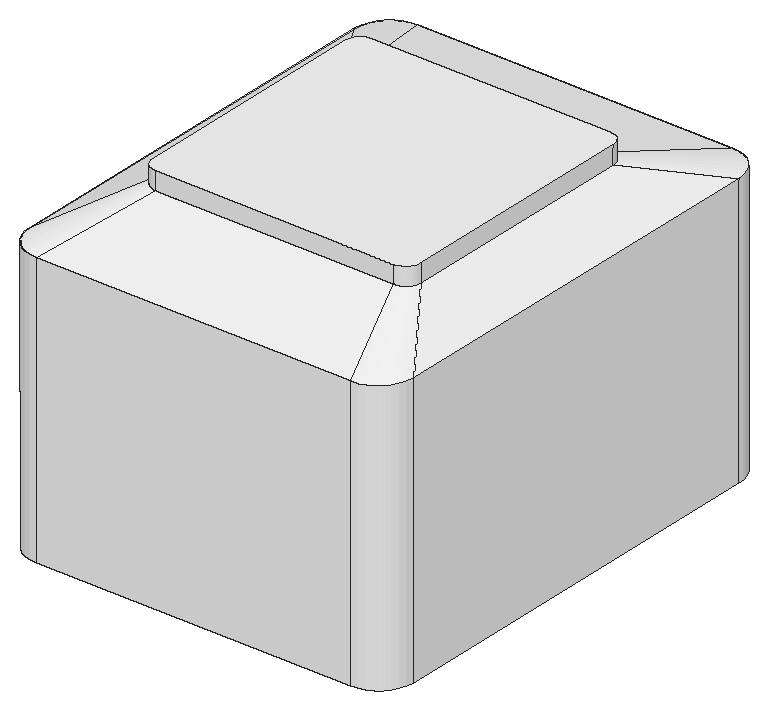
Revit family "Domotics-SerieCivili-GEWISS-27COMBI_SYSTEM-IP40_PRESA_ENG", category Apparecchi elettrici, host Superficie, Revit 2016
Family settings
  Host = Superficie
  Mantenere orientamento annotazione = Sì
  Tipo di parte = Normale
  Quota connettore circolare = Usa diametro
  Taglio con vuoti quando caricato = No
  Condiviso = No
  Punto di calcolo locali = Sì
Parameters (values of type "GW27813 - Con presa std inglese")
  Volt = 230 V
  Viti coperchio = "Acciaio resistente alla corrosione"
  Vista in pianta [instance] = yes
  Versione file RFA = "19.4"
  URL = "https://www.gewiss.com/it/it"
  Tipo sfondabili = "Asportabili con utensile"
  Termopressione con biglia = "70 °C"
  Tensione: = "250 V ac"
  Tensione = "250 V ac"
  Temperatura di installazione = "-25 +60 °C"
  TXT ELETTRICO = "13"
  Simbolo [instance] = yes
  Scheda Tecnica = "https://www.gewiss.com/it/it/search?q=GW27813"
  SEO = "Contenitore"
  Default Elevation = 1219.2 mm
  Produttore = "GEWISS S.p.A."
  Norma di riferimento: = "IEC 60884-1"
  Norma di riferimento = "IEC 60884-1"
  N. poli = 1
  N. fori Ã˜ 23 sfondabili: = "Laterali 3 / Sul fondo 1"
  N. fori Ã˜ 23 con passacavo = "1"
  Modello = "GW27813"
  Immagine tipo = GW27813.jpg
  IFC.TypeObject = ""
  IFC.ExportType = ""
  IFC.ExportAs = ""
  IDT = "9fa3e215-fd2d-4621-8f7f-d3c1a49818b3"
  IDF = "7488e509-b9e8-4112-9bef-b7af88bed505"
  Grado di protezione = "IP40"
  Glow Wire Test = "650°C"
  Distanza_x [instance] = 0 mm
  Distanza_effettiva_y [instance] = 100 mm
  Distanza_effettiva_x [instance] = 1000 mm - Distanza_x  # 1000 mm
  Distanza orizzontale del simbolo [instance] = 142.776 mm
  Distanza dal muro [instance] = 4.208 mm
  Dim. esterne BxHxP (mm) = "66x82x55"
  Descrizione: = "Presa 2P+T - 13 A"
  Descrizione = "PRESA STD ING.2P+T 13A PROTETTA"
  Creato da GEWISS S.p.A. = ""
  Coppia serraggio viti = "0,8NM"
  Colore = "Grigio RAL 7035"
  Codice Electrocod = "0131"
  Codice EAN = "8011564095410"
  Classe isolamento = "II"
  Catalogo Serie = "27COMBI"
  Catalogo = "DOMOTICS"
  Carico apparente = 0 VA
  Caratteristiche = "Standard Inglese"
  COBie.Tagnumber = ""
  COBie.CreatedOn = ""
  COBie.CreatebBy = ""
  COBie.ComponentRegisterItemID = ""
  COBie.Component.TagNumber = ""
  COBie.Component.Space = ""
  COBie.Component.SerialNumber = ""
  COBie.Component.InstallationDate = ""
  COBie.Component.Description = ""
  COBie.Component.BarCode = ""
Reference planes
  plane 1 "Centro (Fronte/Retro)": y = 0
  plane 2: z = 0
  plane 3 "Centro (Sinistra/Destra)": x = 0
  plane 4: x = -1000
  plane 5: y = 100
  plane 6: x = 0
Lines and regions (mm)
  Masking region 1, visible <- "Vista in pianta"
    outline origin (0, 0, 0) x (1, 0, 0) y (0, 0, 1)
      loop
        line (-33, 55) -> (-33, 0) -> (33, 0) -> (33, 55) -> (-33, 55)
  Masking region 2, visible <- "Vista in pianta"
    outline origin (0, 0, 0) x (0, 1, 0) y (0, 0, 1)
      loop
        line (-40.75, 55) -> (-40.75, 0) -> (41.25, 0) -> (41.25, 55) -> (-40.75, 55)
Dimensions and locks
  plane 4 to plane 3 "Centro (Sinistra/Destra)" = 1000 mm
  "Distanza_effettiva_x": plane 4 to plane 6
  "Distanza_effettiva_y": plane 5 to plane 1 "Centro (Fronte/Retro)"
  aligned and locked: plane 2 to host face
  aligned and locked: level to host face
  aligned and locked: plane 3 "Centro (Sinistra/Destra)" to nested 1
  aligned and locked: plane 1 "Centro (Fronte/Retro)" to nested 1
  aligned and locked: plane 6 to nested 2
  aligned and locked: nested 2 to plane 5
  aligned and locked: Masking region 1 sketch curve to nested 1  (x4)
  aligned and locked: Masking region 2 sketch curve to nested 1  (x4)
Automatic sketch dimensions
  host sketch curve to host sketch curve = 2438.4 mm  (x2)
Nested families
  nested 1: "System Contenitori IP40 Compl Prese Eng_GENERICO" at (0, 0, 0), type "GW27813 Presa standard Inglese 2P+T 13A protetta"
  nested 2: "SIMBOLO PRESE" at (0, 100, 0), TESTO ELETTRICO <- "TXT ELETTRICO", Distanza dal muro <- "Distanza dal muro", SIMBOLO <- "Simbolo", visible <- "Simbolo", type "PRESA"
    with TESTO ELETTRICO "13", SIMBOLO yes, Distanza dal muro 4.208 mm, BORDO ACCESO yes
Connectors
  electrical at (0, 0.25, 0), driven by "N. poli", driven by "Volt", driven by "Carico apparente"
    settings: on nested 1, index 1, voltage 230 V, apparent load 0 VA, apparent load phase1 0 VA, apparent load phase2 0 VA, apparent load phase3 0 VA, power factor 1, load classification "Altro", number of poles 1, system type 31, power factor state 1, is connector primary yes, connector utility no, sub classification motor no, connector description ""
Definition of nested family "System Contenitori IP40 Compl Prese Eng_GENERICO"
  Parameters (values of type "GW27813 Presa standard Inglese 2P+T 13A protetta")
    Default Elevation = 1219.2 mm
    Profondità = 55 mm
    Lunghezza = 82 mm
    Larghezza = 66 mm
    Finitura System IP40 = none
    Altezza da terra = 750 mm
  Reference planes
    plane 1 "Centro (Fronte/Retro)": y = 0
    plane 2: z = 0
    plane 3 "Centro (Sinistra/Destra)": x = 0
    plane 4: x = -33
    plane 5: x = 33
    plane 6 "Lato Estrusione Unione": z = 47
    plane 7: x = -23
    plane 8: x = 23
    plane 9 "Faccia Presa Avanti": z = 55
    plane 10: y = 41.25
    plane 11: y = -40.75
    plane 12: z = 52
  Forms (mm)
    Blend 1, solid, material <- "Finitura System IP40"
      base sketch origin (0, -790.75, 22) x (1, 0, 0) y (0, 1, 0)
        loop
          arc (-20.5, 814) -> (-22.268, 813.268) -> (-23, 811.5) r 2.5
          line (-23, 811.5) -> (-23, 770)
          arc (-23, 770) -> (-22.268, 768.232) -> (-20.5, 767.5) r 2.5
          line (-20.5, 767.5) -> (20.5, 767.5)
          arc (20.5, 767.5) -> (22.268, 768.232) -> (23, 770) r 2.5
          line (23, 770) -> (23, 811.5)
          arc (23, 811.5) -> (22.268, 813.268) -> (20.5, 814) r 2.5
          line (20.5, 814) -> (-20.5, 814)
      top sketch origin (0, -790.75, 22) x (1, 0, 0) y (0, 1, 0)
        loop
          arc (-27, 832) -> (-31.243, 830.243) -> (-33, 826) r 6
          line (-33, 826) -> (-33, 756)
          arc (-33, 756) -> (-31.243, 751.757) -> (-27, 750) r 6
          line (-27, 750) -> (27, 750)
          arc (27, 750) -> (31.243, 751.757) -> (33, 756) r 6
          line (33, 756) -> (33, 826)
          arc (33, 826) -> (31.243, 830.243) -> (27, 832) r 6
          line (27, 832) -> (-27, 832)
      from 30 to 25
    Extrusion 2, solid, material <- "Finitura System IP40"
      sketch origin (0, -790.75, 22) x (1, 0, 0) y (0, 1, 0)
        loop
          arc (-27, 832) -> (-31.243, 830.243) -> (-33, 826) r 6
          line (-33, 826) -> (-33, 756)
          arc (-33, 756) -> (-31.243, 751.757) -> (-27, 750) r 6
          line (-27, 750) -> (27, 750)
          arc (27, 750) -> (31.243, 751.757) -> (33, 756) r 6
          line (33, 756) -> (33, 826)
          arc (33, 826) -> (31.243, 830.243) -> (27, 832) r 6
          line (27, 832) -> (-27, 832)
        loop
          line (-31, 826) -> (-31, 756)
          arc (-31, 756) -> (-29.828, 753.172) -> (-27, 752) r 4
          line (-27, 752) -> (27, 752)
          arc (27, 752) -> (29.828, 753.172) -> (31, 756) r 4
          line (31, 756) -> (31, 826)
          arc (31, 826) -> (29.828, 828.828) -> (27, 830) r 4
          line (27, 830) -> (-27, 830)
          arc (-27, 830) -> (-29.828, 828.828) -> (-31, 826) r 4
      from 25 to -22
    Extrusion 3, solid, material <- "Finitura System IP40"
      sketch origin (0, -790.75, 22) x (1, 0, 0) y (0, 1, 0)
        loop
          arc (-20.5, 814) -> (-22.268, 813.268) -> (-23, 811.5) r 2.5
          line (-23, 811.5) -> (-23, 770)
          arc (-23, 770) -> (-22.268, 768.232) -> (-20.5, 767.5) r 2.5
          line (-20.5, 767.5) -> (20.5, 767.5)
          arc (20.5, 767.5) -> (22.268, 768.232) -> (23, 770) r 2.5
          line (23, 770) -> (23, 811.5)
          arc (23, 811.5) -> (22.268, 813.268) -> (20.5, 814) r 2.5
          line (20.5, 814) -> (-20.5, 814)
      from 25 to 33
  Lines and regions (mm)
    model lines, detail levels fine
      curve 1: line (20.19, -18.551, 55) -> (20.19, -12.842, 55)
      curve 2: line (20.19, -12.842, 55) -> (6.905, -12.842, 55)
      curve 3: line (6.905, -12.842, 55) -> (6.905, -18.551, 55)
      curve 4: line (6.905, -18.551, 55) -> (20.19, -18.551, 55)
      curve 5: line (-20.19, -18.551, 55) -> (-20.19, -12.842, 55)
      curve 6: line (-20.19, -12.842, 55) -> (-6.905, -12.842, 55)
      curve 7: line (-6.905, -12.842, 55) -> (-6.905, -18.551, 55)
      curve 8: line (-6.905, -18.551, 55) -> (-20.19, -18.551, 55)
      curve 9: line (-2.855, 5.266, 55) -> (2.855, 5.266, 55)
      curve 10: line (2.855, 5.266, 55) -> (2.855, 18.551, 55)
      curve 11: line (2.855, 18.551, 55) -> (-2.855, 18.551, 55)
      curve 12: line (-2.855, 18.551, 55) -> (-2.855, 5.266, 55)
  Dimensions and locks
    equal spacing: plane 5, plane 3 "Centro (Sinistra/Destra)", plane 4
    "Larghezza": plane 5 to plane 4
    locked: plane 5 to plane 8 at 10
    locked: plane 7 to plane 4 at 10
    locked: plane 7 to plane 3 "Centro (Sinistra/Destra)" at 23
    locked: plane 10 to plane 11 at 82
    plane 9 "Faccia Presa Avanti" to plane 12 to plane 6 "Lato Estrusione Unione" = 3 mm locked, 5 mm locked
    "Profondità": plane 9 "Faccia Presa Avanti" to plane 2
    aligned and locked: level to plane 2
    aligned and locked: Blend 1 sketch curve to plane 7
    aligned and locked: Blend 1 sketch curve to plane 8
    aligned and locked: plane 4 to Blend 1 sketch curve
    aligned and locked: plane 5 to Blend 1 sketch curve
    aligned and locked: Blend 1 to plane 6 "Lato Estrusione Unione"
    aligned and locked: plane 4 to Extrusion 2 sketch curve
    aligned and locked: Extrusion 3 sketch curve to plane 7
    aligned and locked: Extrusion 3 sketch curve to plane 8
    aligned and locked: plane 9 "Faccia Presa Avanti" to Extrusion 3
    aligned and locked: Extrusion 2 to plane 2
    aligned and locked: plane 10 to Extrusion 2
    aligned and locked: plane 11 to Extrusion 2
    aligned and locked: plane 4 to Extrusion 2
    aligned and locked: plane 5 to Extrusion 2
    aligned and locked: Extrusion 2 to plane 6 "Lato Estrusione Unione"
    aligned and locked: plane 6 "Lato Estrusione Unione" to Extrusion 2
    aligned and locked: plane 12 to Blend 1
    aligned and locked: plane 6 "Lato Estrusione Unione" to Extrusion 3
  Automatic sketch dimensions
    Blend 1 sketch curve to plane 8 = 2.5 mm  (x2)
    plane 1 "Centro (Fronte/Retro)" to Blend 1 sketch curve = 23.25 mm
    Blend 1 sketch curve to plane 1 "Centro (Fronte/Retro)" = 20.75 mm
    plane 7 to Blend 1 sketch curve = 4 mm  (x2)
    plane 8 to Blend 1 sketch curve = 4 mm  (x2)
    plane 1 "Centro (Fronte/Retro)" to Blend 1 sketch curve = 40.75 mm
    Blend 1 sketch curve to plane 1 "Centro (Fronte/Retro)" = 35.25 mm
    Extrusion 2 sketch curve to Extrusion 2 sketch curve = 0 mm  (x8)
    Extrusion 2 sketch curve to plane 5 = 0 mm
    plane 4 to Extrusion 2 sketch curve = 2 mm
    plane 7 to Extrusion 2 sketch curve = 4 mm  (x2)
    plane 8 to Extrusion 2 sketch curve = 4 mm  (x2)
    plane 1 "Centro (Fronte/Retro)" to Extrusion 2 sketch curve = 40.75 mm
    Extrusion 2 sketch curve to plane 1 "Centro (Fronte/Retro)" = 35.25 mm
    Extrusion 3 sketch curve to plane 8 = 2.5 mm  (x2)
    plane 1 "Centro (Fronte/Retro)" to Extrusion 3 sketch curve = 23.25 mm
    Extrusion 3 sketch curve to plane 1 "Centro (Fronte/Retro)" = 20.75 mm
    plane 1 "Centro (Fronte/Retro)" to curve 6 = 12.842 mm
    plane 5 to curve 6 = 53.19 mm
    curve 5 to curve 7 = 13.285 mm
    curve 6 to curve 11 = 4.051 mm
    curve 9 to curve 10 = 5.709 mm
    curve 7 to curve 3 = 13.81 mm
    curve 3 to curve 4 = 13.285 mm
    plane 1 "Centro (Fronte/Retro)" to curve 2 = 12.842 mm
    curve 8 to curve 5 = 5.709 mm
    curve 4 to curve 2 = 5.709 mm
    curve 9 to plane 1 "Centro (Fronte/Retro)" = 5.266 mm
    curve 9 to curve 11 = 13.285 mm
    Blend 1 sketch curve to plane 7 = 2.5 mm
    Blend 1 sketch curve to Blend 1 sketch curve = 2.5 mm
    Extrusion 3 sketch curve to plane 7 = 2.5 mm
    Extrusion 3 sketch curve to Extrusion 3 sketch curve = 2.5 mm
Definition of nested family "SIMBOLO PRESE"
  Parameters (values of type "PRESA")
    TESTO ELETTRICO [instance] = "TXT"
    Simbolo = SIMBOLO PRESE_BASE : PRESA
    SIMBOLO [instance] = yes
    Distanza dal muro [instance] = 4.208 mm
    BORDO ACCESO [instance] = yes
  Reference planes
    plane 1: y = 0
    plane 2: x = 0
  Dimensions and locks
    aligned and locked: plane 1 to nested 1
    aligned and locked: plane 2 to nested 1
  Nested families
    nested 1: "SIMBOLO PRESE_BASE" at (0, 0, 0), type <- "Simbolo", TESTO ELETTRICO <- "TESTO ELETTRICO", BORDO ACCESO <- "BORDO ACCESO", visible <- "SIMBOLO", type "PRESA"
      with TESTO ELETTRICO "TXT", BORDO ACCESO yes
  Definition of nested family "SIMBOLO PRESE_BASE"
    Parameters (values of type "PRESA")
      TESTO ELETTRICO [instance] = "TXT"
      Distanza dal muro = 4.208 mm
      BORDO ACCESO [instance] = yes
    Reference planes
      plane 1: y = 0
      plane 2: x = 0
    Lines and regions (mm)
      detail lines, visible <- "BORDO ACCESO", not visible
        curve 1: line (-1.743, 9.208, 0) -> (2.057, 9.208, 0)
        curve 2: line (2.057, 9.208, 0) -> (2.057, 4.208, 0)
        curve 3: line (2.057, 4.208, 0) -> (-1.743, 4.208, 0)
        curve 4: line (-1.743, 4.208, 0) -> (-1.743, 9.208, 0)
        curve 5: line (-1.543, 9.008, 0) -> (1.857, 9.008, 0)
        curve 6: line (1.857, 9.008, 0) -> (1.857, 4.408, 0)
        curve 7: line (1.857, 4.408, 0) -> (-1.543, 4.408, 0)
        curve 8: line (-1.543, 4.408, 0) -> (-1.543, 9.008, 0)
      detail lines
        curve 9: line (0.783, 1.133, 0) -> (-0.783, 1.133, 0)
        curve 10: line (0, 1.133, 0) -> (0, 0.349, 0)
        curve 11: arc (-0.783, 1.916, 0) -> (0, 1.133, 0) -> (0.783, 1.916, 0) r 0.783
    Text (mm)
      label "TXT" at (0.016, 1.578, 0), shows "TESTO ELETTRICO"
